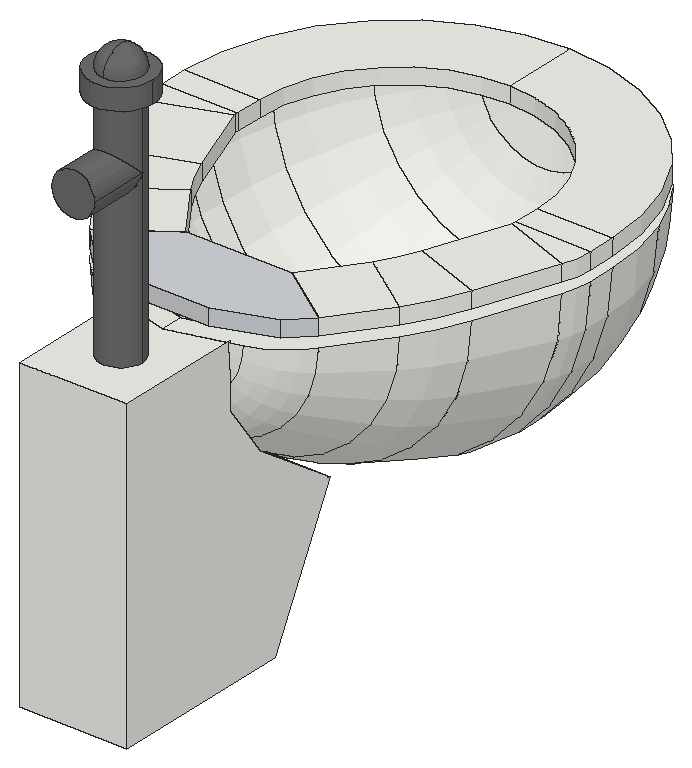
Revit family
Parameters (values of type "480mm Seat Height")
  Mounting Height = 480.00 mm
  Piping Material = Metal - Steel, Polished
  Bowl Material = Porcelain - Ivory
  Seat Material = Laminate - Ivory, Matte
Types (2, lengths in mm): name | Mounting Height
  380mm Seat Height | 380.00
  480mm Seat Height | 480.00
Reference planes
  plane 1: y = 0
  plane 2: x = 404.903
  plane 3: y = 75
  plane 4: y = 812.8
  plane 5: z = 441.9
  plane 6: y = 557.6
  plane 7: y = 303.6
  plane 8: z = 480
  plane 9: z = 746.7
  plane 10: y = 145.535
Forms (mm)
  Extrusion 1, solid, material "Porcelain - Ivory" <- "Bowl Material"
    sketch origin (404.903, 0, 0) x (0, -1, 0) y (0, 0, 1)
      loop
        line (-75, 441.9) -> (-227.804, 441.9) -> (-227.804, 368.296) -> (-271.51, 305.877) -> (-375.543, 233.033) -> (-295.045, 76.2) -> (-75, 76.2) -> (-75, 441.9)
    from -63.5 to 63.5
  Extrusion 2, solid, material "Metal - Steel, Polished" <- "Piping Material"
    sketch origin (341.403, 75, 441.9) x (1, 0, 0) y (0, 1, 0)
      loop
        circle (63.5, 70.535) r 25.4
    from 0 to 279.4
  Extrusion 3, solid, material "Metal - Steel, Polished" <- "Piping Material"
    sketch origin (0, 75, 0) x (1, 0, 0) y (0, 0, 1)
      loop
        circle (404.903, 643.211) r 25.4
    from 0 to -70.644
  Extrusion 4, solid, material "Metal - Steel, Polished" <- "Piping Material"
    sketch origin (341.403, 75, 721.3) x (1, 0, 0) y (0, 1, 0)
      loop
        circle (63.5, 70.535) r 38.1
    from 0 to 25.4
  Revolve 5, solid, material "Metal - Steel, Polished" <- "Piping Material"
    sketch origin (404.903, 0, 0) x (0, -1, 0) y (0, 0, 1)
      loop
        line (-171.153, 746.7) -> (-145.535, 746.7) -> (-145.535, 772.318)
        arc (-145.535, 772.318) -> (-163.65, 764.814) -> (-171.153, 746.7) r 25.618
      axis (-145.535, 746.7) -> (-145.535, 772.318)
    angle from 0 to 360
  Revolve 6, solid, material "Porcelain - Ivory" <- "Bowl Material"
    sketch origin (0, 0, 441.9) x (1, 0, 0) y (0, 1, 0)
      loop
        line (404.903, 811.6) -> (404.903, 786.2)
        arc (404.903, 786.2) -> (444.599, 782.727) -> (483.089, 772.414) r 228.6
        arc (483.089, 772.414) -> (527.73, 750.399) -> (566.548, 719.245) r 228.6
        arc (566.548, 719.245) -> (597.702, 680.427) -> (619.717, 635.786) r 228.6
        arc (619.717, 635.786) -> (630.03, 597.296) -> (633.503, 557.6) r 228.6
        line (633.503, 557.6) -> (633.503, 524.715)
        arc (633.503, 524.715) -> (632.346, 511.483) -> (628.908, 498.653) r 76.2
        line (628.908, 498.653) -> (596.636, 409.986)
        arc (596.636, 409.986) -> (581.916, 376.534) -> (562.957, 345.289) r 279.4
        line (562.957, 345.289) -> (525.073, 291.186)
        arc (525.073, 291.186) -> (500.122, 266.235) -> (468.143, 251.323) r 101.6
        line (468.143, 251.323) -> (404.903, 234.378) -> (404.903, 208.082) -> (483.647, 229.181)
        arc (483.647, 229.181) -> (515.626, 244.093) -> (540.577, 269.044) r 101.6
        line (540.577, 269.044) -> (585.681, 333.459)
        arc (585.681, 333.459) -> (604.641, 364.704) -> (619.36, 398.156) r 279.4
        line (619.36, 398.156) -> (652.776, 489.966)
        arc (652.776, 489.966) -> (657.36, 507.072) -> (658.903, 524.715) r 101.6
        line (658.903, 524.715) -> (658.903, 557.6)
        arc (658.903, 557.6) -> (655.044, 601.707) -> (643.585, 644.473) r 254
        arc (643.585, 644.473) -> (619.125, 694.074) -> (584.508, 737.205) r 254
        arc (584.508, 737.205) -> (541.377, 771.821) -> (491.776, 796.282) r 254
        arc (491.776, 796.282) -> (449.01, 807.741) -> (404.903, 811.6) r 254
      axis (404.903, 208.082) -> (404.903, 811.6)
    angle from 0 to 180
  Sweep 7, solid, material "Laminate - Ivory, Matte" <- "Seat Material"
    path origin (0, 0, 441.9) x (1, 0, 0) y (0, 1, 0)
      loop
        line (540.577, 269.044) -> (585.681, 333.459)
        arc (585.681, 333.459) -> (604.641, 364.704) -> (619.36, 398.156) r 279.4
        line (619.36, 398.156) -> (652.776, 489.966)
        arc (652.776, 489.966) -> (657.36, 507.072) -> (658.903, 524.715) r 101.6
        line (658.903, 524.715) -> (658.903, 557.6)
        arc (658.903, 557.6) -> (584.508, 737.205) -> (404.903, 811.6) r 254
        arc (404.903, 811.6) -> (225.298, 737.205) -> (150.903, 557.6) r 254
        line (150.903, 557.6) -> (150.903, 524.715)
        arc (150.903, 524.715) -> (152.447, 507.072) -> (157.03, 489.966) r 101.6
        line (157.03, 489.966) -> (190.446, 398.156)
        arc (190.446, 398.156) -> (205.166, 364.704) -> (224.125, 333.459) r 279.4
        line (224.125, 333.459) -> (269.23, 269.044)
    profile origin (0, 541.157, 441.9) x (-1, 0, 0) y (0, 0, 1)
      loop
        line (-658.903, 12.7) -> (-570.003, 12.7) -> (-570.003, 31.75) -> (-658.903, 31.75) -> (-658.903, 12.7)
  Extrusion 8, solid
    sketch origin (404.903, 557.6, 473.65) x (1, 0, 0) y (0, 1, 0)
      loop
        line (-62.851, -237.565) -> (-135.674, -288.556) -> (-110.723, -313.507) -> (-44.661, -337.551) -> (44.661, -337.551) -> (110.723, -313.507) -> (135.674, -288.556) -> (62.851, -237.565) -> (-62.851, -237.565)
    from 0 to -19.05
Text (mm)
  text "Placement Side" at (0, 1019.848, 3124.603), in view "Right"
  text "Placement Side" at (0, 1206.291, 1554.205), in view "Left"
Dimensions and locks
  locked: plane 3 to plane 6 at 482.6
  locked: plane 3 to plane 7 at 228.6
  "Mounting Height": plane 8 to level
  locked: plane 8 to plane 5 at 38.1
  locked: plane 8 to plane 9 at 266.7
  locked: plane 3 to plane 10 at 70.535
  aligned and locked: plane 3 to host wall
Automatic sketch dimensions
  Extrusion 1 sketch curve to plane 5 = 0.00 mm
  Extrusion 1 sketch curve to plane 3 = 0.00 mm
  plane 7 to Extrusion 1 sketch curve = 75.796 mm
  plane 7 to Extrusion 1 sketch curve = 32.09 mm
  plane 7 to Extrusion 1 sketch curve = 8.555 mm
  Extrusion 1 sketch curve to plane 7 = 71.943 mm
  plane 5 to Extrusion 1 sketch curve = 73.604 mm
  Extrusion 1 sketch curve to Extrusion 1 sketch curve = 62.419 mm
  Extrusion 1 sketch curve to Extrusion 1 sketch curve = 72.844 mm
  level to Extrusion 1 sketch curve = 76.20 mm
  Extrusion 2 sketch curve to plane 2 = 0.00 mm
  Extrusion 2 sketch curve to Extrusion 2 sketch curve = 25.40 mm
  Extrusion 2 sketch curve to plane 3 = 70.535 mm
  Extrusion 3 sketch curve to plane 2 = 0.00 mm
  plane 2 to Extrusion 3 sketch curve = 25.40 mm
  Extrusion 3 sketch curve to plane 5 = 201.311 mm
  Extrusion 4 sketch curve to plane 2 = 0.00 mm
  Extrusion 4 sketch curve to Extrusion 4 sketch curve = 38.10 mm
  Extrusion 4 sketch curve to plane 3 = 70.535 mm
  Revolve 5 sketch curve to plane 9 = 0.00 mm
  Revolve 5 sketch curve to plane 10 = 0.00 mm  (x2)
  Revolve 5 sketch curve to Revolve 5 sketch curve = 25.618 mm
  Revolve 5 sketch curve to Revolve 5 sketch curve = 39.01 mm
  Revolve 5 sketch curve to Revolve 5 sketch curve = 25.40 mm
  Revolve 6 sketch curve to plane 2 = 0.00 mm  (x9)
  Revolve 6 sketch curve to plane 6 = 0.00 mm  (x8)
  plane 2 to Revolve 6 sketch curve = 48.093 mm
  Revolve 6 sketch curve to plane 2 = 36.944 mm
  Revolve 6 sketch curve to Revolve 6 sketch curve = 15.504 mm  (x3)
  Revolve 6 sketch curve to plane 2 = 63.24 mm
  Revolve 6 sketch curve to Revolve 6 sketch curve = 8.687 mm  (x2)
  plane 7 to Revolve 6 sketch curve = 12.414 mm
  Revolve 6 sketch curve to Revolve 6 sketch curve = 56.93 mm
  plane 7 to Revolve 6 sketch curve = 34.556 mm
  plane 6 to Revolve 6 sketch curve = 32.885 mm
  Revolve 6 sketch curve to Revolve 6 sketch curve = 101.60 mm
  Revolve 6 sketch curve to Revolve 6 sketch curve = 0.00 mm
  Revolve 6 sketch curve to Revolve 6 sketch curve = 37.884 mm
  Revolve 6 sketch curve to Revolve 6 sketch curve = 17.961 mm
  Revolve 6 sketch curve to plane 7 = 29.859 mm
  Revolve 6 sketch curve to Revolve 6 sketch curve = 22.724 mm  (x3)
  Revolve 6 sketch curve to plane 7 = 106.386 mm
  Revolve 6 sketch curve to Revolve 6 sketch curve = 33.679 mm
  Revolve 6 sketch curve to Revolve 6 sketch curve = 23.868 mm  (x2)
  Revolve 6 sketch curve to Revolve 6 sketch curve = 4.595 mm
  Revolve 6 sketch curve to Revolve 6 sketch curve = 39.863 mm
  Revolve 6 sketch curve to Revolve 6 sketch curve = 16.945 mm
  Revolve 6 sketch curve to Revolve 6 sketch curve = 22.142 mm
  Revolve 6 sketch curve to Revolve 6 sketch curve = 26.296 mm
  Revolve 6 sketch curve to Revolve 6 sketch curve = 78.186 mm
  Revolve 6 sketch curve to Revolve 6 sketch curve = 53.169 mm
  Revolve 6 sketch curve to Revolve 6 sketch curve = 105.21 mm
  Revolve 6 sketch curve to Revolve 6 sketch curve = 102.318 mm
  Revolve 6 sketch curve to Revolve 6 sketch curve = 39.332 mm
  plane 6 to Revolve 6 sketch curve = 159.444 mm
  Revolve 6 sketch curve to Revolve 6 sketch curve = 83.459 mm
  Revolve 6 sketch curve to Revolve 6 sketch curve = 29.995 mm
  Revolve 6 sketch curve to Revolve 6 sketch curve = 11.83 mm
  Sweep 7 sketch curve to plane 6 = 0.00 mm  (x2)
  Sweep 7 sketch curve to plane 2 = 0.00 mm
  plane 2 to Sweep 7 sketch curve = 48.093 mm
  plane 6 to Sweep 7 sketch curve = 32.885 mm  (x2)
  Sweep 7 sketch curve to Sweep 7 sketch curve = 104.307 mm
  Sweep 7 sketch curve to plane 7 = 29.859 mm  (x2)
  Sweep 7 sketch curve to Sweep 7 sketch curve = 45.104 mm  (x2)
  Sweep 7 sketch curve to Sweep 7 sketch curve = 33.679 mm  (x2)
  plane 6 to Sweep 7 sketch curve = 67.634 mm
  Sweep 7 sketch curve to Sweep 7 sketch curve = 33.416 mm
  Sweep 7 sketch curve to plane 2 = 48.093 mm
  Sweep 7 sketch curve to Sweep 7 sketch curve = 101.60 mm
  Sweep 7 sketch curve to Sweep 7 sketch curve = 6.127 mm
  Sweep 7 sketch curve to Sweep 7 sketch curve = 64.697 mm  (x2)
  plane 2 to Sweep 7 sketch curve = 180.778 mm
  plane 7 to Sweep 7 sketch curve = 34.556 mm  (x2)
  Sweep 7 sketch curve to plane 2 = 135.674 mm
  Sweep 7 sketch curve to profile plane = 0.00 mm
  Sweep 7 sketch curve to plane 5 = 31.75 mm
  Sweep 7 sketch curve to profile plane = 88.90 mm
  Sweep 7 sketch curve to plane 5 = 12.70 mm
  plane 7 to Extrusion 8 sketch curve = 34.556 mm  (x2)
  plane 2 to Extrusion 8 sketch curve = 135.674 mm
  Extrusion 8 sketch curve to Extrusion 8 sketch curve = 24.95 mm  (x4)
  Extrusion 8 sketch curve to plane 7 = 16.435 mm
  plane 2 to Extrusion 8 sketch curve = 62.851 mm
  plane 2 to Extrusion 8 sketch curve = 44.661 mm
  Extrusion 8 sketch curve to plane 2 = 44.661 mm
  Extrusion 8 sketch curve to plane 2 = 62.851 mm
  Extrusion 8 sketch curve to Extrusion 8 sketch curve = 66.062 mm
  Extrusion 8 sketch curve to Extrusion 8 sketch curve = 24.045 mm
